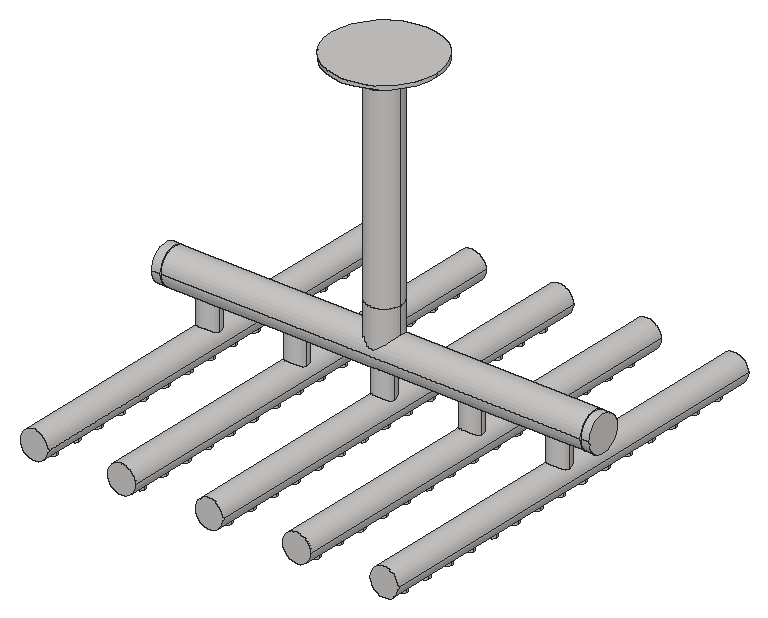
Revit family "050A", category Generic Models, Revit 2021
Family settings
  Can host rebar = No
  Round Connector Dimension = Use Diameter
  Part Type = Normal
  Work Plane-Based = No
  Always vertical = Yes
  Cut with Voids When Loaded = No
  Shared = No
  Room Calculation Point = No
Parameters (values of type "Standard")
  e-mail = "info@vola.com"
  URL = "http://vola.com"
  Telephone = "+45 7023 5500"
  Quality management standard = "ISO 9001"
  Organisation no. / DUNS no. = "17531328"
  Occupational health and safety management standard = "ISO 18001"
  Mounting Instructions = "http://vola.com/service/producturl.ashx?name=050A"
  Model = "050A"
  Materials and components information = "http://vola.com/service/producturl.ashx?name=050A"
  Manufacturer = "VOLA A/S"
  Maintenance Instructions = "http://vola.com/service/producturl.ashx?name=050A"
  Guarantee = "2 years"
  Flow = "23,00 l/min"
  Environmental management standard = "ISO 14000"
  Default Elevation = 0.0000 mm
  Connection - All relevant connections = ""
  Approvals = "http://vola.com/service/producturl.ashx?name=050A"
Reference planes
  plane 1 "Center (Front/Back)": y = 0
  plane 2: z = 0
  plane 3 "Center (Left/Right)": x = 0
Forms (mm)
  Extrusion 1, solid, material "Stainless Steel"
    sketch origin (0, 0, -2) x (1, 0, 0) y (0, 1, 0)
      loop
        circle (0, 0) r 18
    from 0 to -7
  Extrusion 2, solid, material "Stainless Steel"
    sketch origin (0, 0, -126) x (-1, 0, 0) y (0, 1, 0)
      loop
        circle (0, 0) r 9.5
    from 0 to 25
  Extrusion 3, solid, material "Stainless Steel"
    sketch origin (0, 0, -9) x (0, 1, 0) y (1, 0, 0)
      loop
        circle (0, 0) r 9.5
    from 0 to 117
  Extrusion 4, solid, material "Stainless Steel"
    sketch origin (0, 0, -2) x (0, 1, 0) y (0, 0, 1)
      loop
        circle (0, -149) r 10
    from -120 to 120
  Extrusion 5, solid, material "Stainless Steel"
    sketch origin (120, 0, -2) x (0, 1, 0) y (0, 0, 1)
      loop
        circle (0, -149) r 10
    from 0 to 5
  Extrusion 6, solid, material "Stainless Steel"
    sketch origin (-120, 0, -2) x (0, -1, 0) y (0, 0, 1)
      loop
        circle (0, -149) r 10
    from 0 to 5
  Extrusion 7, solid, material "Stainless Steel"
    sketch origin (0, 0, -126) x (-1, 0, 0) y (0, 1, 0)
      loop
        circle (0, 0) r 6
    from 25 to 55
  Extrusion 8, solid, material "Stainless Steel"
    sketch origin (50, 0, -126) x (-1, 0, 0) y (0, 1, 0)
      loop
        circle (0, 0) r 6
    from 25 to 55
  Extrusion 9, solid, material "Stainless Steel"
    sketch origin (100, 0, -126) x (-1, 0, 0) y (0, 1, 0)
      loop
        circle (0, 0) r 6
    from 25 to 55
  Extrusion 10, solid, material "Stainless Steel"
    sketch origin (-50, 0, -126) x (-1, 0, 0) y (0, 1, 0)
      loop
        circle (0, 0) r 6
    from 25 to 55
  Extrusion 11, solid, material "Stainless Steel"
    sketch origin (-100, 0, -126) x (-1, 0, 0) y (0, 1, 0)
      loop
        circle (0, 0) r 6
    from 25 to 55
  Extrusion 12, solid, material "Stainless Steel"
    sketch origin (0, 0, -2) x (1, 0, 0) y (0, 0, 1)
      loop
        circle (100, -179) r 8
    from -125 to 125
  Extrusion 13, solid, material "Stainless Steel"
    sketch origin (-50, 0, -2) x (1, 0, 0) y (0, 0, 1)
      loop
        circle (100, -179) r 8
    from -125 to 125
  Extrusion 14, solid, material "Stainless Steel"
    sketch origin (-100, 0, -2) x (1, 0, 0) y (0, 0, 1)
      loop
        circle (100, -179) r 8
    from -125 to 125
  Extrusion 15, solid, material "Stainless Steel"
    sketch origin (-150, 0, -2) x (1, 0, 0) y (0, 0, 1)
      loop
        circle (100, -179) r 8
    from -125 to 125
  Extrusion 16, solid, material "Stainless Steel"
    sketch origin (-200, 0, -2) x (1, 0, 0) y (0, 0, 1)
      loop
        circle (100, -179) r 8
    from -125 to 125
  Extrusion 17, solid, material "Stainless Steel"
    sketch origin (0, 0, -126) x (-1, 0, 0) y (0, 1, 0)
      loop
        circle (-100, 0) r 2.5
      loop
        circle (-100, 16) r 2.5
      loop
        circle (-100, 32) r 2.5
      loop
        circle (-100, 48) r 2.5
      loop
        circle (-100, 64) r 2.5
      loop
        circle (-100, 80) r 2.5
      loop
        circle (-100, 96) r 2.5
      loop
        circle (-100, 112) r 2.5
      loop
        circle (-100, -16) r 2.5
      loop
        circle (-100, -32) r 2.5
      loop
        circle (-100, -48) r 2.5
      loop
        circle (-100, -64) r 2.5
      loop
        circle (-100, -80) r 2.5
      loop
        circle (-100, -96) r 2.5
      loop
        circle (-100, -112) r 2.5
    from 62 to 65
  Extrusion 18, solid, material "Stainless Steel"
    sketch origin (-50, 0, -126) x (-1, 0, 0) y (0, 1, 0)
      loop
        circle (-100, 0) r 2.5
      loop
        circle (-100, 16) r 2.5
      loop
        circle (-100, 32) r 2.5
      loop
        circle (-100, 48) r 2.5
      loop
        circle (-100, 64) r 2.5
      loop
        circle (-100, 80) r 2.5
      loop
        circle (-100, 96) r 2.5
      loop
        circle (-100, 112) r 2.5
      loop
        circle (-100, -16) r 2.5
      loop
        circle (-100, -32) r 2.5
      loop
        circle (-100, -48) r 2.5
      loop
        circle (-100, -64) r 2.5
      loop
        circle (-100, -80) r 2.5
      loop
        circle (-100, -96) r 2.5
      loop
        circle (-100, -112) r 2.5
    from 62 to 65
  Extrusion 19, solid, material "Stainless Steel"
    sketch origin (-100, 0, -126) x (-1, 0, 0) y (0, 1, 0)
      loop
        circle (-100, 0) r 2.5
      loop
        circle (-100, 16) r 2.5
      loop
        circle (-100, 32) r 2.5
      loop
        circle (-100, 48) r 2.5
      loop
        circle (-100, 64) r 2.5
      loop
        circle (-100, 80) r 2.5
      loop
        circle (-100, 96) r 2.5
      loop
        circle (-100, 112) r 2.5
      loop
        circle (-100, -16) r 2.5
      loop
        circle (-100, -32) r 2.5
      loop
        circle (-100, -48) r 2.5
      loop
        circle (-100, -64) r 2.5
      loop
        circle (-100, -80) r 2.5
      loop
        circle (-100, -96) r 2.5
      loop
        circle (-100, -112) r 2.5
    from 62 to 65
  Extrusion 20, solid, material "Stainless Steel"
    sketch origin (-150, 0, -126) x (-1, 0, 0) y (0, 1, 0)
      loop
        circle (-100, 0) r 2.5
      loop
        circle (-100, 16) r 2.5
      loop
        circle (-100, 32) r 2.5
      loop
        circle (-100, 48) r 2.5
      loop
        circle (-100, 64) r 2.5
      loop
        circle (-100, 80) r 2.5
      loop
        circle (-100, 96) r 2.5
      loop
        circle (-100, 112) r 2.5
      loop
        circle (-100, -16) r 2.5
      loop
        circle (-100, -32) r 2.5
      loop
        circle (-100, -48) r 2.5
      loop
        circle (-100, -64) r 2.5
      loop
        circle (-100, -80) r 2.5
      loop
        circle (-100, -96) r 2.5
      loop
        circle (-100, -112) r 2.5
    from 62 to 65
  Extrusion 21, solid, material "Stainless Steel"
    sketch origin (-200, 0, -126) x (-1, 0, 0) y (0, 1, 0)
      loop
        circle (-100, 0) r 2.5
      loop
        circle (-100, 16) r 2.5
      loop
        circle (-100, 32) r 2.5
      loop
        circle (-100, 48) r 2.5
      loop
        circle (-100, 64) r 2.5
      loop
        circle (-100, 80) r 2.5
      loop
        circle (-100, 96) r 2.5
      loop
        circle (-100, 112) r 2.5
      loop
        circle (-100, -16) r 2.5
      loop
        circle (-100, -32) r 2.5
      loop
        circle (-100, -48) r 2.5
      loop
        circle (-100, -64) r 2.5
      loop
        circle (-100, -80) r 2.5
      loop
        circle (-100, -96) r 2.5
      loop
        circle (-100, -112) r 2.5
    from 62 to 65
  Extrusion 22, solid, material "Stainless Steel"
    sketch origin (0, 0, -2) x (1, 0, 0) y (0, 1, 0)
      loop
        circle (0, 0) r 30
    from 0 to 2
Cuts and joins
  joined: Extrusion 2, Extrusion 4, Extrusion 7, Extrusion 8, Extrusion 9, Extrusion 10, Extrusion 11, Extrusion 12, Extrusion 13, Extrusion 14, Extrusion 15, Extrusion 16, Extrusion 17, Extrusion 18, Extrusion 19, Extrusion 20, Extrusion 21
Dimensions and locks
  aligned and locked: plane 2 to level
